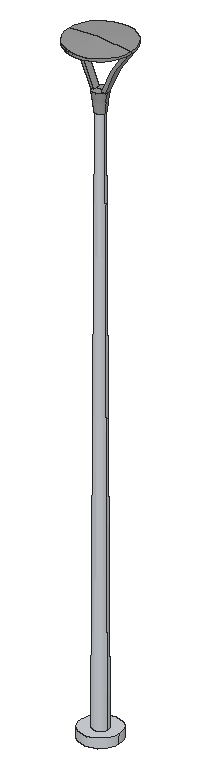
Revit family "84121_HOST_FACE", category Lighting Fixtures, host Face, Revit 2015
Parameters (values of type "Pole-top luminaires with symmetrical light distribution")
  Wattage = 14.6491 W
  built-in parameter 1150110 = 1 (stored number, unit not read)
  URL = "www.bega-us.com"
  built-in parameter 1114217 = 1 (stored number, unit not read)
  Tilt Angle = 90.00°
  built-in parameter 1150109 = 1 (stored number, unit not read)
  built-in parameter 1150134 = 12
  Telephone = "805.684.0533"
  built-in parameter 1150113 = 1 (stored number, unit not read)
  Photometric Web File = "84121.ies"
  Model = "84 121"
  Manufacturer = "BEGA-US"
  built-in parameter 1150105 = 173.16 (stored number, unit not read)
  Lumens = 2176 lm
  built-in parameter 1150115 = 1 (stored number, unit not read)
  built-in parameter 1150137 = (empty or 0)
  built-in parameter 1150139 = (empty or 0)
  built-in parameter 1150112 = 1 (stored number, unit not read)
  built-in parameter 1150114 = 1 (stored number, unit not read)
  Lamp = "32.0W LED"
  built-in parameter 1150132 = 2
  built-in parameter 1150102 = (empty or 0)
  built-in parameter 1150107 = 4000 (stored number, unit not read)
  built-in parameter 1150138 = (empty or 0)
  built-in parameter 1150106 = 1.7316 (stored number, unit not read)
  built-in parameter 1150104 = 13.8 (stored number, unit not read)
  Dimming Lamp Color Temperature Shift = <None>
  Description = "LED pole-top luminaire - asymmetric"
  Default Elevation = 0' - 0"
  Color Filter = 16777215
  built-in parameter 1114218 = 1 (stored number, unit not read)
  built-in parameter 1150133 = 10 (stored number, unit not read)
Types (5): name | Wattage | built-in parameter 1150134 | Photometric Web File | Model | built-in parameter 1150105 | Lumens | Lamp | built-in parameter 1150107 | built-in parameter 1150106 | Description | Default Elevation
  (no name) | 14.6491 W | 12 | "84121.ies" | "84 121" | 173.16 (stored number, unit not read) | 2176 lm | "32.0W LED" | 4000 (stored number, unit not read) | 1.7316 (stored number, unit not read) | "LED pole-top luminaire - asymmetric" | 0' - 0"
  Wall Luminaires - Directed Light | 18.4392 W | (empty or 0) | "generic" | "2260LED" | 217.96 (stored number, unit not read) | 2739 lm | "44.6W LED" | 3000 (stored number, unit not read) | 2.1796 (stored number, unit not read) | "Surface wall with cutoff optics" | 6' - 0"
  Wall Luminaires - Linear | 9.92985 W | 9 | "generic" | "4425P" | 117.38 (stored number, unit not read) | 1475 lm | "(1) 39W CF twin-4-p" | 3450 (stored number, unit not read) | 1.1738 (stored number, unit not read) | "Suface wall - linear with white acrylic diffuser" | 6' - 0"
  Ceiling and Wall Luminaires - Unshielded | 14.9924 W | 12 | "84120.ies" | "84 120" | 177.22 (stored number, unit not read) | 2227 lm | "32.0W LED" | 4000 (stored number, unit not read) | 1.7722 (stored number, unit not read) | 0' - 0" | 0' - 0"
  Pole-top luminaires with symmetrical light distribution | 14.6491 W | 12 | "84121.ies" | "84 121" | 173.16 (stored number, unit not read) | 2176 lm | "32.0W LED" | 4000 (stored number, unit not read) | 1.7316 (stored number, unit not read) | "LED pole-top luminaire - asymmetric" | 0' - 0"
Reference planes (in)
  plane 1 "Center (Front/Back)": y = 0
  plane 2: z = 0
  plane 3 "Center (Left/Right)": x = 0
Dimensions and locks (in)
  aligned and locked: plane 2 to host face
  aligned and locked: level to host face
Nested families (in)
  nested 1: "84120_pole" at (0, 0, 0), type "Pole Top Luminaires - Indirect"
Connectors (in)
  electrical at (0, 0, 0)
    settings: on host face, index 1, voltage 0 V, apparent load 0 VA, apparent load phase1 0 VA, apparent load phase2 0 VA, apparent load phase3 0 VA, power factor 1, load classification "Other", number of poles 1, system type 31, power factor state 1, is connector primary yes, connector utility no, sub classification motor no, connector description ""
Definition of nested family "84120_pole"
  Parameters (values of type "Pole Top Luminaires - Indirect")
    Wattage Comments = ""
    URL = "http://www.bega-us.com"
    Telephone = "805.684.0533"
    Reflector Tilt = "Reflector can be tilted to 30 degrees to give asymmetrical light distribution"
    Pole Note = "See website for recommended pole options (1508 - 15' 8\" shown)"
    Model = "7210LED"
    Manufacturer = "BEGA-US"
    Lamp = "40W LED"
    Description = "Pole top - indirect"
  Reference planes (in)
    plane 1 "Light Source Axis (F/B)": y = 0
    plane 2: z = 0
    plane 3 "Light Source Axis (L/R)": x = 0
    plane 4 "Light Source Elevation": z = 210.84854
  Forms (in)
    Extrusion 1, solid
      sketch origin (0, 0, 0) x (1, 0, 0) y (0, 1, 0)
        loop
          circle (0, 0) r 6.3125
      from 0 to 3
    Blend 2, solid
      base sketch origin (0, 0, 0) x (1, 0, 0) y (0, 1, 0)
        loop
          circle (0, 0) r 2.5
      top sketch origin (0, 0, 0) x (1, 0, 0) y (0, 1, 0)
        loop
          circle (0, 0) r 1.5
      from 0 to 192
    Revolve 3, void
      sketch origin (0, 0, 0) x (1, 0, 0) y (0, 0, 1)
        loop
          line (0, 0) -> (0, -17) -> (6, -17) -> (6, 0) -> (0, 0)
        axis (0, 0) -> (0, -17)
      angle from 0 to 360
  Dimensions and locks (in)
    aligned and locked: level to plane 2
  Nested families (in)
    nested 1: "84120" at (0, 0, 187.09435), type "84120"
  Connectors (in)
    electrical at (0, 0, 0)
      settings: index 1, voltage 0 V, apparent load 0 VA, apparent load phase1 0 VA, apparent load phase2 0 VA, apparent load phase3 0 VA, power factor 1, load classification none, number of poles 1, system type 31, power factor state 1, is connector primary yes, connector utility no, sub classification motor no, connector description ""
  Definition of nested family "84120"
    Reference planes (in)
      plane 1 "Center (Front/Back)": y = 0
      plane 2: z = 0
      plane 3 "Center (Left/Right)": x = 0
    Forms (in)
      Revolve 1, solid
        sketch origin (3.43364, 0, -32.00177) x (1, 0, 0) y (0, 0, 1)
          loop
            line (-3.43364, 38.50177) -> (-5.99474, 38.50177)
            arc (-5.99474, 38.50177) -> (-5.40958, 35.2736) -> (-5.1674, 32.00177) r 31.13164
            line (-5.1674, 32.00177) -> (-4.9174, 32.00177) -> (-4.9174, 36.90742) -> (-3.43364, 36.90742) -> (-3.43364, 38.50177)
          axis (-3.43364, 38.50177) -> (-3.43364, 32.00177)
        angle from 0 to 360
      Extrusion 2, solid
        sketch origin (3.43364, 26.53125, -32.00177) x (1, 0, 0) y (0, 0, 1)
          loop
            arc (5.21422, 52.10787) -> (0.85432, 45.68135) -> (-2.10586, 38.50177) r 37.94334
            line (-2.10586, 38.50177) -> (-0.87254, 38.50177)
            arc (-0.87254, 38.50177) -> (2.31759, 45.89754) -> (6.89905, 52.52208) r 40.78128
            line (6.89905, 52.52208) -> (5.21422, 52.10787)
          loop
            line (-12.0815, 52.10787) -> (-13.76632, 52.52208)
            arc (-13.76632, 52.52208) -> (-9.18487, 45.89754) -> (-5.99474, 38.50177) r 40.78128
            line (-5.99474, 38.50177) -> (-4.76142, 38.50177)
            arc (-4.76142, 38.50177) -> (-7.7216, 45.68135) -> (-12.0815, 52.10787) r 37.94334
        from 25.5625 to 27.5
      Revolve 3, solid
        sketch origin (3.43364, 0, -32.00177) x (1, 0, 0) y (0, 0, 1)
          loop
            line (6.89905, 52.54427) -> (6.89905, 53.29634)
            arc (6.89905, 53.29634) -> (1.75206, 53.96732) -> (-3.43364, 54.19153) r 60.08002
            line (-3.43364, 54.19153) -> (-3.43364, 52.13584) -> (5.23774, 52.13584) -> (6.89905, 52.54427)
          axis (-3.43364, 52.13584) -> (-3.43364, 54.19153)
        angle from 0 to 360
      Revolve 4, solid
        sketch origin (3.43364, 0, -32.00177) x (1, 0, 0) y (0, 0, 1)
          loop
            line (-3.43364, 51.42192) -> (-3.43364, 51.29692)
            arc (-3.43364, 51.29692) -> (0.90983, 51.51062) -> (5.21404, 52.13127) r 46.25619
            line (5.21404, 52.13127) -> (5.21404, 52.25857)
            arc (5.21404, 52.25857) -> (0.90994, 51.63621) -> (-3.43364, 51.42192) r 46.13119
          axis (-3.43364, 51.29692) -> (-3.43364, 52.25857)
        angle from 0 to 360
    Dimensions and locks (in)
      aligned and locked: plane 2 to level
